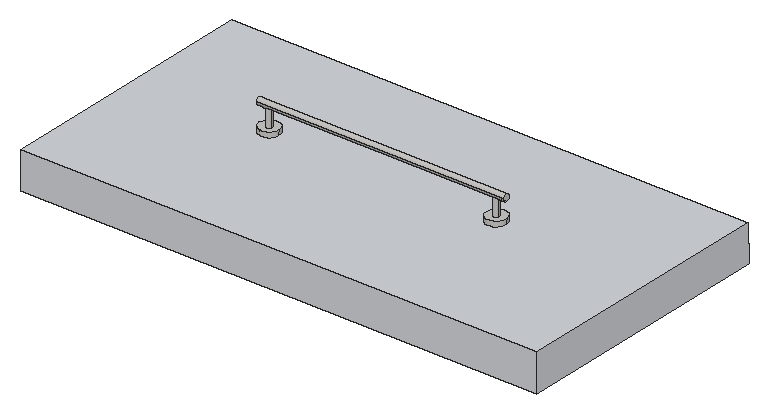
Revit family
Parameters (values of type "24in")
  Warranty Duration (Years) = 0
  Unit Length = 2' - 0"
  Unit Height = 0' - 1 15/16"
  Unit Depth = 0' - 2 5/8"
  URL = "http://www.americanspecialties.com/viewCategories.cfm"
  Mounting Height [instance] = 3' - 0"
  Fixture Material [instance] = Metal - Stainless Steel
  Test Data = ""
  Specification = "http://www.arcat.com/sdspecs/htm/10810asi.htm"
  SpecWizard = ""
  Send Message = "http://www.arcat.com/users.pl?action=UserEmail&company=American%20Specialties,%20Inc.&coid=30448&rep=139&fax=914-476-0688&mf="
  Sales Information = "http://www.americanspecialties.com/contact"
  Revision = "R1_2014-10"
  Product Properties = "http://www.americanspecialties.com/datasheets/73071.pdf"
  Product Data = "http://www.arcat.com/arcatcos/cos30/arc30448.html"
  Model = "7307-24"
  Manufacturer Website = "http://www.americanspecialties.com/viewCategories.cfm"
  Manufacturer Phone - Toll Free = ""
  Manufacturer Phone = "914-476-9000 "
  Manufacturer Fax = "914-476-0688"
  Manufacturer Address = "441 Saw Mill River Rd., Yonkers, NY 10701"
  Manufacturer = "American Specialties, Inc."
  Maintenance Schedule (Months) = 0
  Keynote = "10 28 13"
  Installation-Fabrication = "http://www.americanspecialties.com/products.cfm"
  Green Building-LEED = ""
  Expected Lifespan (Years) = 0
  Drawn By = "Sumex Design, Inc. / Robert S. Weygant. CSI, CDT, SCIP"
  Description = "ASI Round Towel Bar - Omara Collection 7307-24"
  Default Elevation = 0' - 0"
  Copyright = "©Arcat Inc."
  Construction Details = "http://www.arcat.com/green/clients/leed_data_30448.html"
  Building Codes = "http://www.americanspecialties.com/products.cfm"
  Assembly Code = "C1030210"
Types (2): name | Unit Length | Product Properties | Model | Description
  24in | 2' - 0" | "http://www.americanspecialties.com/datasheets/73071.pdf" | "7307-24" | "ASI Round Towel Bar - Omara Collection 7307-24"
  18in | 1' - 6" | "http://www.americanspecialties.com/datasheets/73072.pdf" | "7307-18" | "ASI Round Towel Bar - Omara Collection 7307-18"
Reference planes (in)
  plane 1 "Floor Line": z = 0
  plane 2 "Center (Left/Right)": x = 6.02907
  plane 3: x = -5.97093
  plane 4: x = 18.02907
  plane 5 "FF": y = -56.93904
  plane 6 "ADA CL": y = -20.93904
  plane 7: z = 2.3125
  plane 8: z = 2.625
  plane 9 "x": y = -20.62654
Forms (in)
  Extrusion 1, solid
    sketch origin (-2.65843, -11.79112, -6) x (0, 0, -1) y (1, 0, 0)
      loop
        line (-2.4162, 34.87522) -> (-6, 34.87522) -> (-6, -15.3125) -> (-2.4162, -15.3125) -> (-2.4162, 34.87522)
    from 23.14792 to -2.46929
  Extrusion 2, solid, material "Metal - Stainless Steel" <- "Fixture Material"
    sketch origin (0, -0.125, 0) x (1, 0, 0) y (0, 1, 0)
      loop
        circle (-5.00218, -20.81404) r 0.96875
      loop
        circle (17.06032, -20.81404) r 0.96875
    from 0 to 0.4375
  Extrusion 3, solid, material "Metal - Stainless Steel" <- "Fixture Material"
    sketch origin (0, -3.4375, 0) x (1, 0, 0) y (0, 1, 0)
      loop
        circle (-5.00218, -17.50154) r 0.25
      loop
        circle (17.06032, -17.50154) r 0.25
    from 0 to 2.3125
  Extrusion 4, solid, material "Metal - Stainless Steel" <- "Fixture Material"
    sketch origin (6.02907, -3.4375, 0) x (0, 1, 0) y (0, 0, 1)
      loop
        circle (-17.50154, 2.3125) r 0.3125
    from -12 to 12
Cuts and joins
  joined: Extrusion 2, Extrusion 3, Extrusion 4
Dimensions and locks (in)
  "Mounting Height": plane 5 "FF" to plane 6 "ADA CL"
  equal spacing: plane 3, plane 2 "Center (Left/Right)", plane 4
  "Unit Length": plane 3 to plane 4
  plane 7 to level = 0' - 2 5/16"
  locked: plane 8 to level at 2.625
  locked: plane 6 "ADA CL" to Extrusion 4 sketch curve at 0
  locked: plane 6 "ADA CL" to Extrusion 3 sketch curve at 0  (x2)
  locked: plane 6 "ADA CL" to Extrusion 2 sketch curve at 0  (x2)
  locked: plane 3 to Extrusion 2 sketch curve at 0.96875
  locked: Extrusion 2 sketch curve to plane 4 at 0.96875
  locked: plane 3 to Extrusion 3 sketch curve at 0.96875
  locked: Extrusion 3 sketch curve to plane 4 at 0.96875
  plane 9 "x" to plane 6 "ADA CL" = 0' - 0 5/16"
  aligned and locked: plane 7 to Extrusion 3
  aligned and locked: Extrusion 4 to plane 3
  aligned and locked: plane 4 to Extrusion 4
Automatic sketch dimensions
  Extrusion 1 sketch curve to Extrusion 1 sketch curve = 0' - 3.5838"
  Extrusion 1 sketch curve to Extrusion 1 sketch curve = 4' - 2.18772"
  level to Extrusion 4 sketch curve = 0' - 2 5/16"
  radius of Extrusion 4 sketch curve = 0' - 0 5/16"
  radius of Extrusion 2 sketch curve = 0' - 0 31/32"  (x2)
  radius of Extrusion 3 sketch curve = 0' - 0 1/4"  (x2)
